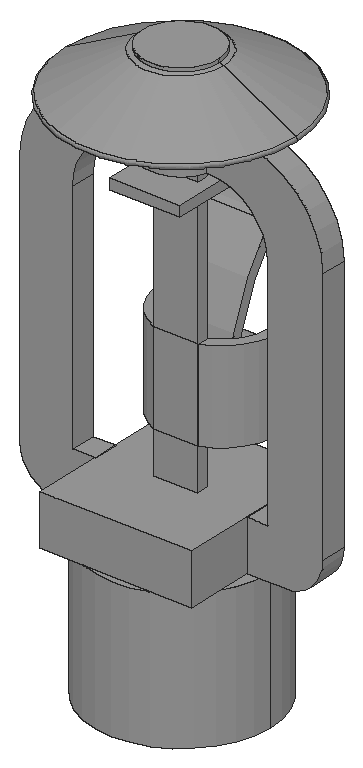
Revit family
Parameters (values of type "RASCO G CONVENTIONAL")
  Temperature Rating = 165 °F
  Response = (empty or 0)
  RASCO SIN # = "R1075"
  RASCO Part # = "GC1B"
  Pressure Rating = "175 PSI"
  Pressure Class = (empty or 0)
  Orifice Size = 1/2"
  Orifice = (empty or 0)
  Model = "G"
  Manufacturer = "RASCO"
  K-Factor = 5.62
  Description = "Brz. Finish"
  Coverage = (empty or 0)
Reference planes (in)
  plane 1 "Center (Front/Back)": y = 0
  plane 2: z = 0
  plane 3 "Center (Left/Right)": x = 0
Dimensions and locks (in)
  aligned and locked: plane 2 to level
Nested families (in)
  nested 1: "GC1B" at (-0.00707, -0.1756, 0), type "RASCO G CONVENTIONAL"
Connectors (in)
  piping at (-0.00707, -0.1756, 0)
    settings: on nested 1, index 1, connector radius 0.43", flow factor 0, pipe flow 0 GPM, pressure drop 0.00 psi, fitting loss kfactor 0, connector angle 0.00°, fixture units 0, flow configuration 0, flow direction 0, fitting loss method 0, system type 7, connector reference index -1, connector utility 0, adjustable connector no, is connector primary yes, fitting loss table "", connector description ""
Definition of nested family "GC1B"
  Parameters (values of type "RASCO G CONVENTIONAL")
    Type Comments = ""
    Temperature Rating = 0 °F
    Response = (empty or 0)
    Pressure Rating = "0"
    Pressure Class = (empty or 0)
    Orifice Size = 0"
    Orifice = (empty or 0)
    Model = ""
    Manufacturer = ""
    K-Factor = 0
    Description = ""
    Coverage = (empty or 0)
    Assembly Code = ""
  Reference planes (in)
    plane 1 "Center (Front/Back)": y = 0
    plane 2: z = 0
    plane 3 "ref.2": z = 0.6875
    plane 4 "ref.3": z = 0.9375
    plane 5: x = -0.38065
    plane 6: x = 0.36935
    plane 7 "ref. side 1": y = 0.06402
    plane 8 "ref. side 2": y = -0.06098
    plane 9 "ref.4": z = 1.875
    plane 10 "ref.5": z = 2.875
    plane 11 "center": x = -0.00574
  Forms (in)
    Extrusion 1, solid, material "Default"
      sketch origin (0, 0, 0) x (1, 0, 0) y (0, 1, 0)
        loop
          circle (0, 0) r 0.438
      from 0 to 0.6875
    Extrusion 2, solid, material "Default"
      sketch origin (-0.12185, 0.05177, 0.6875) x (1, 0, 0) y (0, 1, 0)
        loop
          line (-0.2588, 0.356) -> (-0.2588, -0.4565) -> (0.4912, -0.4565) -> (0.4912, 0.356) -> (-0.2588, 0.356)
      from 0 to 0.25
    Extrusion 3, solid, material "Default"
      sketch origin (0, 0, 0) x (1, 0, 0) y (0, 0, 1)
        loop
          line (-0.49248, 0.9375) -> (-0.49248, 2.10276)
          arc (-0.49248, 2.10276) -> (-0.40724, 2.30855) -> (-0.20145, 2.39379) r 0.29103
          line (-0.20145, 2.39379) -> (0.18108, 2.39379)
          arc (0.18108, 2.39379) -> (0.38905, 2.30765) -> (0.47519, 2.09969) r 0.29411
          line (0.47519, 2.09969) -> (0.47519, 0.9375) -> (0.36935, 0.9375) -> (0.36935, 0.6875) -> (0.55741, 0.6875)
          arc (0.55741, 0.6875) -> (0.69165, 0.7431) -> (0.74725, 0.87734) r 0.18984
          line (0.74725, 0.87734) -> (0.74725, 2.14825)
          arc (0.74725, 2.14825) -> (0.61669, 2.46344) -> (0.3015, 2.594) r 0.44574
          line (0.3015, 2.594) -> (-0.30719, 2.594)
          arc (-0.30719, 2.594) -> (-0.62225, 2.46349) -> (-0.75275, 2.14843) r 0.44556
          line (-0.75275, 2.14843) -> (-0.75275, 0.87876)
          arc (-0.75275, 0.87876) -> (-0.69673, 0.74352) -> (-0.56149, 0.6875) r 0.19126
          line (-0.56149, 0.6875) -> (-0.38065, 0.6875) -> (-0.38065, 0.9375) -> (-0.49248, 0.9375)
      from -0.06402 to 0.06098
    Extrusion 4, solid, material "Default"
      sketch origin (-0.00199, 0, 2.4375) x (-1, 0, 0) y (0, -1, 0)
        loop
          circle (0.00574, -0.00152) r 0.1875
      from -0.04371 to 0.4375
    Revolve 5, solid, material "Default"
      sketch origin (-0.0011, 0, 0.30638) x (1, 0, 0) y (0, 0, 1)
        loop
          line (-0.00574, 2.33367) -> (-0.00574, 2.55423) -> (-0.18796, 2.55423)
          arc (-0.18796, 2.55423) -> (-0.20324, 2.55235) -> (-0.21761, 2.54682) r 0.06306
          line (-0.21761, 2.54682) -> (-0.57397, 2.35694)
          arc (-0.57397, 2.35694) -> (-0.58015, 2.34304) -> (-0.56815, 2.33367) r 0.01236
          line (-0.56815, 2.33367) -> (-0.00574, 2.33367)
        axis (-0.00574, 2.33367) -> (-0.00574, 2.55423)
      angle from 0 to 360
    Extrusion 6, solid, material "Default"
      sketch origin (0, 0, 0.9375) x (-1, 0, 0) y (0, -1, 0)
        loop
          line (-0.10175, -0.02852) -> (0.11324, -0.02852) -> (0.11324, 0.03101) -> (-0.10175, 0.03101) -> (-0.10175, -0.02852)
      from 0 to 1.45629
    Extrusion 7, solid, material "Default"
      sketch origin (-0.00574, -0.0095, -0.07537) x (0, 0, -1) y (0, -1, 0)
        loop
          line (-2.39379, 0.21198) -> (-2.39379, -0.229)
          arc (-2.39379, -0.229) -> (-2.26956, -0.41579) -> (-2.04926, -0.37342) r 0.20254
          arc (-2.04926, -0.37342) -> (-1.6599, -0.16721) -> (-1.22163, -0.12207) r 1.15319
          line (-1.22163, -0.12207) -> (-1.22163, -0.07087)
          arc (-1.22163, -0.07087) -> (-1.6782, -0.11947) -> (-2.0834, -0.33544) r 1.20419
          arc (-2.0834, -0.33544) -> (-2.24878, -0.36919) -> (-2.34279, -0.229) r 0.15154
          line (-2.34279, -0.229) -> (-2.34279, 0.21198) -> (-2.39379, 0.21198)
      from -0.17255 to 0.17398
    Extrusion 8, solid, material "Default"
      sketch origin (0, 0, 0) x (1, 0, 0) y (0, 1, 0)
        loop
          arc (0.23993, 0.23051) -> (0.19768, 0.11115) -> (0.10175, 0.02852) r 0.24647
          line (0.10175, 0.02852) -> (-0.11324, 0.02852)
          arc (-0.11324, 0.02852) -> (-0.21767, 0.12447) -> (-0.25194, 0.2621) r 0.24647
          line (-0.25194, 0.2621) -> (-0.25194, 0.40777) -> (-0.30719, 0.40777) -> (-0.30719, 0.25942)
          arc (-0.30719, 0.25942) -> (-0.25653, 0.08328) -> (-0.11324, -0.03101) r 0.30157
          line (-0.11324, -0.03101) -> (0.10175, -0.03101)
          arc (0.10175, -0.03101) -> (0.24461, 0.08262) -> (0.29574, 0.25785) r 0.30157
          line (0.29574, 0.25785) -> (0.29574, 0.40777) -> (0.23993, 0.40777) -> (0.23993, 0.23051)
      from 1.14626 to 1.59756
    Extrusion 9, solid, material "Default"
      sketch origin (-0.00574, -0.0095, -0.07537) x (0, 0, -1) y (0, -1, 0)
        loop
          circle (-1.44728, -0.26892) r 0.13147
      from -0.24568 to 0.24619
  Cuts and joins
    joined: Extrusion 1, Extrusion 2, Revolve 5
  Dimensions and locks (in)
    plane 10 "ref.5" to level = 2.875"
